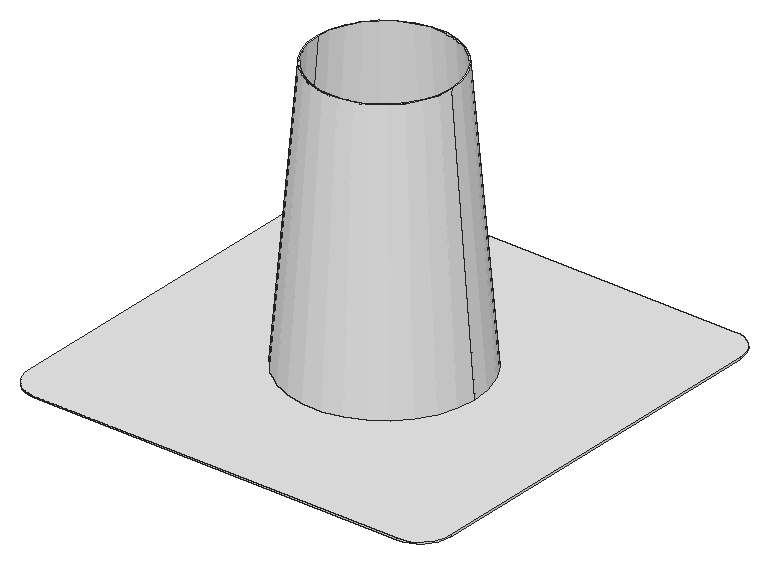
Revit family "Plumbing_Other-Plumbing_Menzies-Metal_B-Vent-Flat-Galvanized-TPO (1)", category Plumbing Fixtures, host Face, Revit 2018
Family settings
  Host = Face
  Round Connector Dimension = Use Diameter
  Part Type = Normal
  OmniClass Number = 23.70.50.21.24.11
  OmniClass Title = Roof Waste Water Drains
  Cut with Voids When Loaded = No
  Shared = No
  Room Calculation Point = No
Parameters (values of type "Refer to Type Catalog")
  d_0.08 [instance] = Pipe Diameter Bottom - 0.08"  # 5.92"
  Weight = 1.70 lbf
  Waste Connection = no
  Vent Connection = no
  URL = "https://www.menzies-metal.com/tpo-products/b-vent-flat-galvanized-tpo/"
  Product data url = "https://www.bimobject.com/menzies-metal/product/b-vent-galvanized-tpo"
  Product Material = Metal - Menzies Metal Products - Aluminium TPO Coated
  Product Guid = "b11c128e-649a-485f-a0da-b2862fd1d4af"
  Pipe Length = 9"
  Pipe Diameter Top = 4 1/2"
  Pipe Diameter Bottom = Pipe Diameter Top + 1.5"  # 6"
  Model = "602-1405TPO"
  Manufacturer = "Menzies Metal Products"  # constant formula
  HW Connection = no
  Edition number = 1
  Drain Flow = 0 GPM
  Description = "B Vent Flat Galvanized - TPO"  # constant formula
  Default Elevation = 48"
  CW Connection = no
  Assembly Code = "D2040200"
Reference planes (in)
  plane 1 "Center (Front/Back)": y = 0
  plane 2: z = 0
  plane 3 "Center (Left/Right)": x = 0
  plane 4: z = 9
  plane 5: x = -3
  plane 6: x = 3
  plane 7: z = 0.8
  plane 8: x = -2.25
  plane 9: x = 2.25
  plane 10: x = -2.25
  plane 11: x = 2.25
  plane 12: x = -3
  plane 13: x = 3
  plane 14: x = 0
  plane 15: y = 0
  plane 16: y = 3
  plane 17: y = -3
  plane 18: x = -3
  plane 19: x = 3
  plane 20: x = 0
  plane 21: y = 0
  plane 22: x = -2.96
  plane 23: x = 2.96
  plane 24: y = 2.96
  plane 25: y = -2.96
Forms (in)
  Revolve 1, solid, material "Metal - Menzies Metal Products - Aluminium TPO Coated" <- "Product Material", detail levels medium+fine
    sketch origin (0, 0, 0) x (1, 0, 0) y (0, 0, 1)
      loop
        line (-2.20982, 9) -> (-2.25, 9) -> (-3, 0.04) -> (-2.95982, 0.04) -> (-2.20982, 9)
      axis (0, 9) -> (0, 0.04)
    angle from 0 to 360
  Revolve 2, solid, material "Metal - Menzies Metal Products - Aluminium TPO Coated" <- "Product Material", detail levels coarse
    sketch origin (0, 0, 0) x (1, 0, 0) y (0, 0, 1)
      loop
        line (-3, 0.04) -> (0, 0.04) -> (0, 9) -> (-2.25, 9) -> (-3, 0.04)
      axis (0, 9) -> (0, 0.04)
    angle from 0 to 360
  Extrusion 3, solid, material "Metal - Menzies Metal Products - Aluminium TPO Coated" <- "Product Material", detail levels coarse
    sketch origin (0, 0, 0) x (1, 0, 0) y (0, 1, 0)
      loop
        line (-7, 7) -> (-7, -7) -> (7, -7) -> (7, 7) -> (-7, 7)
    from 0 to 0.04
  Extrusion 4, solid, material "Metal - Menzies Metal Products - Aluminium TPO Coated" <- "Product Material", detail levels medium+fine
    sketch origin (0, 0, 0) x (1, 0, 0) y (0, 1, 0)
      loop
        line (6, 7) -> (-6, 7)
        arc (-6, 7) -> (-6.70711, 6.70711) -> (-7, 6) r 1
        line (-7, 6) -> (-7, -6)
        arc (-7, -6) -> (-6.70711, -6.70711) -> (-6, -7) r 1
        line (-6, -7) -> (6, -7)
        arc (6, -7) -> (6.70711, -6.70711) -> (7, -6) r 1
        line (7, -6) -> (7, 6)
        arc (7, 6) -> (6.70711, 6.70711) -> (6, 7) r 1
      loop
        circle (0, 0) r 2.96
    from 0 to 0.04
Lines and regions (in)
  Masking region 1, detail levels medium+fine
    outline origin (0, 0, 0) x (1, 0, 0) y (0, 1, 0)
      loop
        arc (-6, 7) -> (-6.70711, 6.70711) -> (-7, 6) r 1
        line (-7, 6) -> (-7, -6)
        arc (-7, -6) -> (-6.70711, -6.70711) -> (-6, -7) r 1
        line (-6, -7) -> (6, -7)
        arc (6, -7) -> (6.70711, -6.70711) -> (7, -6) r 1
        line (7, -6) -> (7, 6)
        arc (7, 6) -> (6.70711, 6.70711) -> (6, 7) r 1
        line (6, 7) -> (-6, 7)
  Masking region 2, detail levels coarse
    outline origin (0, 0, 0) x (1, 0, 0) y (0, 1, 0)
      loop
        line (-7, 7) -> (-7, -7) -> (7, -7) -> (7, 7) -> (-7, 7)
  symbolic lines
    curve 1: arc (2.25, 0, 0) -> (0, 2.25, 0) -> (-2.25, 0, 0) r 2.25
    curve 2: arc (-2.25, 0, 0) -> (0, -2.25, 0) -> (2.25, 0, 0) r 2.25
    curve 3: arc (2.20982, 0, 0) -> (0, -2.20982, 0) -> (-2.20982, 0, 0) r 2.20982
    curve 4: arc (-2.20982, 0, 0) -> (0, 2.20982, 0) -> (2.20982, 0, 0) r 2.20982
    curve 5: arc (3, 0, 0) -> (0, 3, 0) -> (-3, 0, 0) r 3
    curve 6: arc (-3, 0, 0) -> (0, -3, 0) -> (3, 0, 0) r 3
Dimensions and locks (in)
  "Pipe Length": plane 4 to host face
  equal spacing: plane 6, plane 3 "Center (Left/Right)", plane 5
  "Pipe Diameter Bottom": plane 6 to plane 5
  equal spacing: plane 8, plane 3 "Center (Left/Right)", plane 9
  "Pipe Diameter Top": plane 8 to plane 9
  equal spacing: plane 10, plane 3 "Center (Left/Right)", plane 11
  "Pipe Diameter Top": plane 10 to plane 11
  equal spacing: plane 13, plane 3 "Center (Left/Right)", plane 12
  "Pipe Diameter Bottom": plane 13 to plane 12
  Revolve 1 sketch curve to Revolve 1 sketch curve = 0.04004"
  equal spacing: plane 16, plane 15, plane 17
  "Pipe Diameter Bottom": plane 16 to plane 17
  equal spacing: plane 18, plane 14, plane 19
  "Pipe Diameter Bottom": plane 18 to plane 19
  plane 16 to Extrusion 3 sketch curve = 4"
  Extrusion 3 sketch curve to plane 18 = 4"
  equal spacing: plane 22, plane 20, plane 23
  "d_0.08": plane 22 to plane 23
  equal spacing: plane 24, plane 21, plane 25
  "d_0.08": plane 24 to plane 25
  aligned and locked: plane 2 to host face
  aligned and locked: level to host face
  aligned and locked: plane 4 to Revolve 1 sketch curve
  aligned and locked: Revolve 2 sketch curve to Revolve 1  (x2)
  aligned and locked: Revolve 2 sketch curve to plane 3 "Center (Left/Right)"
  aligned and locked: plane 12 to Revolve 2 sketch curve
  aligned and locked: plane 5 to Revolve 1 sketch curve
  aligned and locked: plane 8 to Revolve 1 sketch curve
  aligned and locked: plane 15 to Revolve 2
  aligned and locked: Extrusion 3 to Revolve 1
  aligned and locked: Extrusion 3 to Extrusion 4 sketch curve  (x4)
  aligned and locked: Extrusion 4 to Revolve 1
  aligned and locked: plane 21 to Extrusion 4 sketch curve  (x2)
  aligned and locked: plane 22 to Extrusion 4 sketch curve
  aligned and locked: plane 23 to Extrusion 4 sketch curve
  aligned and locked: Masking region 1 sketch curve to Extrusion 4  (x4)
  aligned and locked: Masking region 2 sketch curve to Extrusion 3  (x4)
  aligned and locked: curve 1 to Revolve 2
  aligned and locked: curve 2 to Revolve 2
  aligned and locked: curve 3 to Revolve 1
  aligned and locked: curve 4 to Revolve 1
  aligned and locked: curve 5 to Revolve 2
  aligned and locked: curve 6 to Revolve 2
Automatic sketch dimensions
  host sketch curve to host sketch curve = 94.66418"
  host sketch curve to host sketch curve = 96"
  Revolve 1 sketch curve to plane 3 "Center (Left/Right)" = 0"
  level to Revolve 1 sketch curve = 0.04"
  Revolve 1 sketch curve to level = 24"
  plane 4 to Revolve 1 sketch curve = 87.93967"
  plane 10 to Revolve 2 sketch curve = 0"
  Revolve 2 sketch curve to plane 3 "Center (Left/Right)" = 0"
  Revolve 2 sketch curve to level = 24"
  Revolve 2 sketch curve to Revolve 2 sketch curve = 90.99834"
  Extrusion 3 sketch curve to plane 19 = 4"
  plane 17 to Extrusion 3 sketch curve = 4"
  plane 1 "Center (Front/Back)" to Extrusion 4 sketch curve = 0"
  Extrusion 4 sketch curve to Extrusion 4 sketch curve = 1"  (x4)
  Extrusion 4 sketch curve to Extrusion 4 sketch curve = 0"  (x2)
